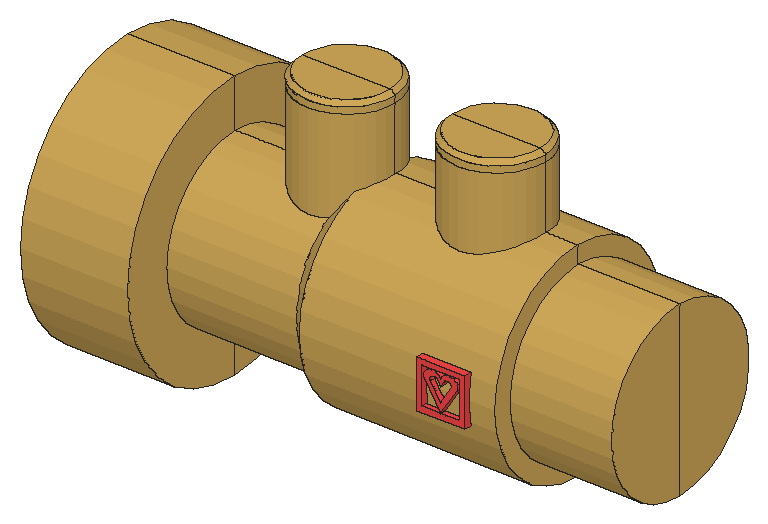
Revit family "HERZ Backflow Preventer 2623", category Rohrzubehör, Revit 2021
Family settings
  Bemaßung runder Anschluss = Durchmesser verwenden
  Teiletyp = Unterbricht
  OmniClass-Nummer = 23.65.55.14
  OmniClass-Titel = Valves for Liquid Services
  Arbeitsebenenbasiert = Nein
  Immer vertikal = Ja
  Beim Laden mit Abzugskörper schneiden = Nein
  Gemeinsam genutzt = Nein
Parameters
  Vorgabe-Ansicht = 0.00 mm
  Part number [instance] = size_lookup("2623_", "Artnr", 0, Nennweite)  # 1262304
  Note = "Pursuant to Article 33 of the REACH Regulation (EC No. 1907/2006), we are obliged to point out that the material lead is listed on the SVHC list and that all brass components manufactured in our products exceed 0.1% (w / w) lead (CAS: 7439-92-1 / EINECS: 231-100-4).\r\nSince lead is a component part of an alloy, actual exposure is not possible and therefore no additional information on safe use is necessary."
  Min. operating temperature (water) = 0.5 °C  # constant formula
  Min. operating temperature = -10 °C  # constant formula
  Max. operating temperature = 95 °C  # constant formula
  Max. operating pressure = 1600000.0 Pa  # constant formula
  W01 = 45.00°  # constant formula
  URL = "www.herzvalves.com"
  Plugs = "brass"  # constant formula
  SC_NennweiteBerechnet = 0
  SC_Dimension = ""
  SCTWSEQ = "FW;SBT_TYP_FW=\"108\";2"
  SCTWCODE = "04;14;02"  # constant formula
  S03 = 10.00 mm  # constant formula
  S02 [instance] = L00 / 2  # 44.00 mm
  S01 [instance] = (L00 / 2) + L07 - L06  # 59.00 mm
  Check valve = "POM (body), NBR (O-Ring), stainless steel AISI 302 (spring)"  # constant formula
  R01 = 9.00 mm  # constant formula
  Nennweite [instance] = 32.00 mm
  Medium = "clear liquids"  # constant formula
  LO1 [instance] = if(Nennweite = 20.00 mm, 18.00 mm, if(Nennweite = 25.00 mm, 18.00 mm, if(Nennweite = 32.00 mm, 24.00 mm, 1.00 mm)))  # 24.00 mm
  L07 [instance] = size_lookup("2623_", "L7", 1.00 mm, Nennweite)  # 20.00 mm
  L06 [instance] = size_lookup("2623_", "L6", 1.00 mm, Nennweite)  # 5.00 mm
  L05 [instance] = size_lookup("2623_", "L5", 1.00 mm, Nennweite) + L04  # 53.90 mm
  L04 [instance] = size_lookup("2623_", "L4", 1.00 mm, Nennweite)  # 25.90 mm
  L03 [instance] = size_lookup("2623_", "L3", 1.00 mm, Nennweite)  # 19.00 mm
  L02 [instance] = size_lookup("2623_", "L2", 1.00 mm, Nennweite)  # 32.50 mm
  L01 [instance] = size_lookup("2623_", "L1", 1.00 mm, Nennweite)  # 2.50 mm
  L00 [instance] = size_lookup("2623_", "L", 1.00 mm, Nennweite)  # 88.00 mm
  Female thread = "acc. to ISO 228"  # constant formula
  IG [instance] = Nennweite / 2  # 16.00 mm
  Hersteller = "HERZ Armaturen Ges.m.b.H."  # constant formula
  H02 = 2.00 mm  # constant formula
  H01 [instance] = size_lookup("2623_", "H1", 1.00 mm, Nennweite)  # 31.00 mm
  GT [instance] = size_lookup("2623_", "GT", 1.00 mm, Nennweite)  # 12.00 mm
  End fitting = "forged brass"  # constant formula
  Sealing = "EPDM"  # constant formula
  D04 [instance] = size_lookup("2623_", "D4", 1.00 mm, Nennweite)  # 25.00 mm
  D03 [instance] = size_lookup("2623_", "D3", 1.00 mm, Nennweite)  # 19.30 mm
  D02 [instance] = size_lookup("2623_", "D2", 1.00 mm, Nennweite)  # 16.00 mm
  D01 [instance] = size_lookup("2623_", "D1", 1.00 mm, Nennweite)  # 18.90 mm
  Body = "forged brass according to EN 12420"  # constant formula
  Male thread = "acc. to ISO 228"  # constant formula
  Application = "The check valve is suitable for central heating systems to prevent backflow.\r\nThis product can be used, in general, with different media, but liquids must be clear.\r\nThe valve can be used in any position.\r\nThe flow direction is indicated by an arrow on the body.\r\nThe check valve is spring-loaded by means of an axial guide and can be operated both at low and at high pressures.\r\nTwo bores 1/4“ plugs are fitted for measuring purposes."
  AG [instance] = Nennweite / 2  # 16.00 mm
Reference planes
  plane 1 "Mitte (Vorne/hinten)": y = 0
  plane 2: z = 0
  plane 3 "Mitte (Links/rechts)": x = 0
Forms (mm)
  Revolve 1, solid, material "Messing, weicher Gelbton, geschweißt", detail levels fine
    sketch origin (0, 0, 0) x (1, 0, 0) y (0, 0, 1)
      loop
        line (-44, 0) -> (44, 0) -> (44, 16) -> (25, 16) -> (25, 19.3) -> (-11.5, 19.3) -> (-14.8, 16) -> (-41.5, 16) -> (-41.5, 18.9) -> (-44, 18.9) -> (-44, 0)
      axis (-44, 0) -> (44, 0)
    angle from 0 to 360
  Revolve 2, solid, material "Messing, weicher Gelbton, geschweißt", detail levels fine
    sketch origin (0, 0, 0) x (1, 0, 0) y (0, 0, 1)
      loop
        line (-18.1, 0) -> (-9.1, 0) -> (-9.1, 31) -> (-18.1, 31) -> (-18.1, 0)
      axis (-18.1, 31) -> (-18.1, 0)
    angle from 0 to 360
  Revolve 3, solid, material "Messing, weicher Gelbton, geschweißt", detail levels fine
    sketch origin (0, 0, 0) x (1, 0, 0) y (0, 0, 1)
      loop
        line (9.9, 0) -> (18.9, 0) -> (18.9, 31) -> (9.9, 31) -> (9.9, 0)
      axis (9.9, 31) -> (9.9, 0)
    angle from 0 to 360
  Revolve 4, solid, material "Messing, weicher Gelbton, geschweißt", detail levels fine
    sketch origin (0, 0, 0) x (1, 0, 0) y (0, 0, 1)
      loop
        line (-39, 0) -> (-39, 25) -> (-59, 25) -> (-59, 16) -> (-47, 16) -> (-47, 0) -> (-39, 0)
      axis (-59, 0) -> (-39, 0)
    angle from 0 to 360
  Revolve 5, solid, material "Messing, weicher Gelbton, geschweißt", detail levels fine
    sketch origin (0, 0, 0) x (1, 0, 0) y (0, 0, 1)
      loop
        line (-18.1, 31) -> (-9.1, 31) -> (-9.1, 32.2) -> (-9.9, 33) -> (-18.1, 33) -> (-18.1, 31)
      axis (-18.1, 33) -> (-18.1, 31)
    angle from 0 to 360
  Revolve 6, solid, material "Messing, weicher Gelbton, geschweißt", detail levels fine
    sketch origin (0, 0, 0) x (1, 0, 0) y (0, 0, 1)
      loop
        line (9.9, 31) -> (18.9, 31) -> (18.9, 32.2) -> (18.1, 33) -> (9.9, 33) -> (9.9, 31)
      axis (9.9, 31) -> (9.9, 33)
    angle from 0 to 360
Lines and regions (mm)
  model lines, detail levels coarse+medium
    curve 1: line (-59, 0, 25) -> (-59, 0, -25)
    curve 2: line (-59, 0, 25) -> (44, 0, -25)
    curve 3: line (44, 0, -25) -> (44, 0, 25)
    curve 4: circle (-59, 0, 25) r 10 normal (0, -1, 0)
    curve 5: line (-59, -25, 0) -> (-59, 25, 0)
    curve 6: line (-59, 25, 0) -> (44, -25, 0)
    curve 7: line (44, -25, 0) -> (44, 25, 0)
    curve 8: circle (-59, 25, 0) r 10 normal (0, 0, 1)
Dimensions and locks
  equal spacing: Revolve 1 sketch curve, plane 3 "Mitte (Links/rechts)", Revolve 1 sketch curve
  "L00": Revolve 1 sketch curve to Revolve 1 sketch curve
  "AG": Revolve 1 sketch curve to plane 2
  "L01": Revolve 1 sketch curve to Revolve 1 sketch curve
  "L02": Revolve 1 sketch curve to Revolve 1 sketch curve
  "D01": Revolve 1 sketch curve to plane 2
  "D02": Revolve 1 sketch curve to plane 2
  "D03": Revolve 1 sketch curve to plane 2
  "L03": Revolve 1 sketch curve to Revolve 1 sketch curve
  "R01": Revolve 2 sketch curve to Revolve 2 sketch curve
  "H01": Revolve 2 sketch curve to plane 2
  "L04": Revolve 1 to Revolve 2 sketch curve
  "L05": Revolve 1 to Revolve 3 sketch curve
  "R01": Revolve 3 sketch curve to Revolve 3 sketch curve
  "H01": Revolve 3 sketch curve to plane 2
  "D03": nested 1 to plane 1 "Mitte (Vorne/hinten)"
  "LO1": nested 1 to Revolve 1
  "L06": Revolve 1 to Revolve 4 sketch curve
  "L07": Revolve 4 sketch curve to Revolve 4 sketch curve
  "GT": Revolve 4 sketch curve to Revolve 4 sketch curve
  "D04": Revolve 4 sketch curve to plane 2
  "IG": Revolve 4 sketch curve to Revolve 4 sketch curve
  "H01": Revolve 5 sketch curve to plane 2
  "H02": Revolve 5 sketch curve to Revolve 5 sketch curve
  "R01": Revolve 5 sketch curve to Revolve 5 sketch curve
  "L04": Revolve 1 to Revolve 5 sketch curve
  "R01": Revolve 6 sketch curve to Revolve 6 sketch curve
  "H01": Revolve 6 sketch curve to plane 2
  "H02": Revolve 6 sketch curve to Revolve 6 sketch curve
  "L05": Revolve 6 sketch curve to Revolve 1
  "D04": curve 2 to plane 2 to curve 1
  "D04": curve 3 to plane 2 to curve 3
  "S01": curve 1 to plane 3 "Mitte (Links/rechts)"
  "S02": curve 3 to plane 3 "Mitte (Links/rechts)"
  "S01": plane 3 "Mitte (Links/rechts)" to curve 4
  "D04": curve 5 to plane 1 "Mitte (Vorne/hinten)" to curve 6
  "D04": curve 7 to plane 1 "Mitte (Vorne/hinten)" to curve 7
  "S01": curve 5 to plane 3 "Mitte (Links/rechts)"
  "S02": plane 3 "Mitte (Links/rechts)" to curve 7
  "S01": curve 8 to plane 3 "Mitte (Links/rechts)"
  "S03": radius of curve 4
  "S03": radius of curve 8
  "W01": angle Revolve 1 sketch curve to Revolve 1 sketch curve
  "W01": angle Revolve 5 sketch curve to Revolve 5 sketch curve
  "W01": angle Revolve 6 sketch curve to Revolve 6 sketch curve
  aligned and locked: level to plane 2
Automatic sketch dimensions
  curve 4 to curve 1 = 0.00 mm
  curve 8 to curve 5 = 0.00 mm
  Revolve 1 sketch curve to level = 0.00 mm  (x2)
  Revolve 1 sketch curve to Revolve 1 sketch curve = 0.00 mm
  Revolve 1 sketch curve to Revolve 1 sketch curve = 1805.148 mm
  Revolve 2 sketch curve to level = 0.00 mm  (x2)
  Revolve 2 sketch curve to Revolve 2 sketch curve = 0.00 mm  (x2)
  Revolve 3 sketch curve to level = 0.00 mm  (x2)
  Revolve 3 sketch curve to Revolve 3 sketch curve = 0.00 mm  (x2)
  Revolve 4 sketch curve to level = 0.00 mm  (x2)
  Revolve 4 sketch curve to Revolve 4 sketch curve = 1461.53 mm
  plane 3 "Mitte (Links/rechts)" to Revolve 4 sketch curve = 1839.148 mm
  Revolve 5 sketch curve to Revolve 5 sketch curve = 0.00 mm  (x3)
  Revolve 5 sketch curve to Revolve 5 sketch curve = 0.80 mm
  Revolve 6 sketch curve to Revolve 6 sketch curve = 0.00 mm  (x3)
  Revolve 6 sketch curve to Revolve 6 sketch curve = 0.80 mm
Nested families
  nested 1: "Herz-Logo-vorne" at (15.5, -19.3, 0) x (0, 1, 0) z (0, 0, 1), type "Herz-Logo-vorne", detail levels fine
Connectors
  piping at (44, 0, 0), diameter 32, driven by "Nennweite"
    settings: on Revolve 1, index 2, connector inside diameter 609.6 mm, connector length 0.00 mm, flow factor 0, pipe flow 0.0 L/s, pressure drop 0.0 Pa, fitting loss kfactor 0, connector angle 0.00°, fixture units 0, engagement length 0.00 mm, angle of deflection 0.00°, flow configuration 0, flow direction 2, fitting loss method 0, system type 29, joint type 0, gender type 0, connector reference index -1, connector utility 0, adjustable connector no, is connector primary yes, connector description ""
  piping at (-47, 0, 0), diameter 32, driven by "Nennweite"
    settings: on Revolve 4, index 3, connector inside diameter 609.6 mm, connector length 0.00 mm, flow factor 0, pipe flow 0.0 L/s, pressure drop 0.0 Pa, fitting loss kfactor 0, connector angle 0.00°, fixture units 0, engagement length 0.00 mm, angle of deflection 0.00°, flow configuration 0, flow direction 1, fitting loss method 0, system type 29, joint type 0, gender type 0, connector reference index -1, connector utility 0, adjustable connector no, is connector primary no, connector description ""
Definition of nested family "Herz-Logo-vorne"
  Parameters (values of type "Herz-Logo-vorne")
    Default Elevation = 0.00 mm
  Reference planes
    plane 1 "Mitte (Vorne/hinten)": y = 0
    plane 2: z = 0
    plane 3 "Mitte (Links/rechts)": x = 0
  Forms (mm)
    Extrusion 1, solid
      sketch origin (0.732, -0.018, 0.017) x (0, -1, 0) y (0, 0, 1)
        loop
          line (-0.018, -4.517) -> (4.482, -4.517) -> (4.482, 4.483) -> (-4.518, 4.483) -> (-4.518, -4.517) -> (-0.018, -4.517)
        loop
          line (-0.05, -3.48) -> (3.482, -3.48) -> (3.482, 3.483) -> (-3.518, 3.483) -> (-3.518, -3.48) -> (-0.05, -3.48)
        loop
          arc (-0.018, 2.383) -> (-1.543, 3.287) -> (-3.067, 2.383) r 1.738
          arc (-3.067, 2.383) -> (-3.191, 1.899) -> (-3.067, 1.415) r 1.009
          line (-3.067, 1.415) -> (-0.018, -3.281) -> (3.032, 1.415)
          arc (3.032, 1.415) -> (3.156, 1.899) -> (3.032, 2.383) r 1.009
          arc (3.032, 2.383) -> (1.507, 3.287) -> (-0.018, 2.383) r 1.738
        loop
          arc (1.885, 1.272) -> (2.005, 1.675) -> (1.885, 2.079) r 0.74
          arc (1.885, 2.079) -> (1.265, 2.416) -> (0.644, 2.079) r 0.74
          line (0.644, 2.079) -> (-0.018, 0.97) -> (-0.679, 2.079)
          arc (-0.679, 2.079) -> (-1.3, 2.416) -> (-1.921, 2.079) r 0.74
          arc (-1.921, 2.079) -> (-2.04, 1.675) -> (-1.921, 1.272) r 0.74
          line (-1.921, 1.272) -> (-0.018, -1.658) -> (1.885, 1.272)
      from 0 to 1.5
  Dimensions and locks
    aligned and locked: level to plane 2
